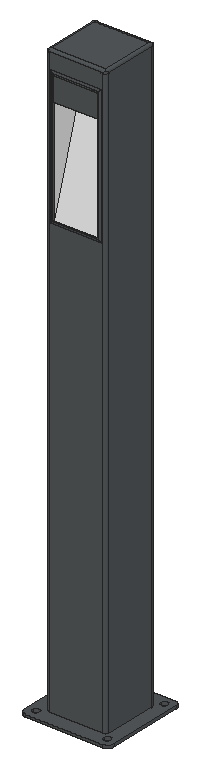
Revit family "svetilnik_alfresco_ar deko_dtu19", category Lighting Fixtures, Revit 2016 (continued)
Definition of nested family "Источник света Ар_Деко"
  Types (5, lengths in mm): name | Photometric Web File | built-in parameter 1150142
           168.2\r\n     148.5     131.1     112.8      92.9      83.8      71.8      53.2      32.4\r\n      14.6       2.9       0.3       0.2       0.2       0.2       0.2       0.2\r\n       0.2       0.2       0.2       0.2       0.2       0.2       0.2       0.2\r\n       0.2       0.2       0.2       0.2       0.2       0.2       0.2       0.2\r\n       0.2       0.2       0.2       0.2       0.2       0.2       0.2       0.2\r\n       0.2       0.2       0.2       0.2       0.2       0.2       0.2       0.2\r\n       0.2       0.2       0.2       0.2       0.2       0.2       0.2       0.2\r\n       0.2       0.2       0.2       0.2       0.2       0.2       0.2       0.2\r\n       0.2       0.2       0.2       0.2       0.2       0.2       0.2       0.2\r\n       0.2       0.2       0.2       0.2       0.2       0.2       0.2       0.2\r\n       0.2       0.2       0.2       0.2       0.2       0.2       0.2       0.2\r\n       0.2       0.2       0.3       0.3       0.3       0.3       0.3       0.3\r\n       0.3       0.2       0.3       0.2       0.1       0.1       0.1       0.1\r\n       0.1       0.1       0.0       0.0       0.0\r\n       0.0       0.0       0.3       0.2       0.3       0.2       0.2       0.2\r\n       0.2       0.3       0.3       0.3       3.0      57.8     131.2     175.8\r\n     213.9     254.2     309.6     361.5     426.3     496.4     518.3     521.6\r\n     522.0     526.5     528.8     527.3     530.1     530.1     527.9     528.1\r\n     529.6     526.1     525.1     523.4     523.8     521.6     519.7     517.2\r\n     510.9     512.1     510.7     505.4     500.1     500.7     500.9     495.3\r\n     491.0     489.0     484.7     473.8     466.1     457.6     442.3     420.5\r\n     390.4     360.6     339.4     324.4     309.2     294.8     282.2     270.2\r\n     253.6     236.1     225.6     220.7     207.6     187.4     175.1     164.9\r\n     150.6     131.6     116.0      97.2      85.2      73.7      59.6      42.3\r\n      20.7       4.6       0.6       0.2       0.2       0.2       0.2       0.2\r\n       0.2       0.2       0.2       0.2       0.2       0.2       0.2       0.2\r\n       0.2       0.2       0.2       0.2       0.2       0.2       0.2       0.2\r\n       0.2       0.2       0.2       0.2       0.2       0.2       0.2       0.2\r\n       0.2       0.2       0.2       0.2       0.2       0.2       0.2       0.2\r\n       0.2       0.2       0.2       0.2       0.2       0.2       0.2       0.2\r\n       0.2       0.2       0.2       0.2       0.2       0.2       0.2       0.2\r\n       0.2       0.2       0.2       0.2       0.2       0.2       0.2       0.2\r\n       0.2       0.2       0.2       0.2       0.2       0.2       0.2       0.2\r\n       0.2       0.2       0.2       0.2       0.2       0.2       0.2       0.2\r\n       0.2       0.2       0.3       0.3       0.3       0.3       0.3       0.3\r\n       0.3       0.2       0.2       0.2       0.1       0.1       0.1       0.1\r\n       0.1       0.1       0.0       0.0       0.0\r\n       0.0       0.0       0.3       0.2       0.3       0.2       0.2       0.2\r\n       0.2       0.3       0.3       0.3       1.6      39.6     116.9     167.7\r\n     204.9     239.5     287.5     343.8     402.9     479.9     517.1     516.6\r\n     519.4     523.2     523.0     523.6     523.4     524.0     522.8     521.7\r\n     522.0     522.2     521.9     522.1     521.8     519.6     518.8     515.6\r\n     516.6     512.9     511.5     509.2     505.1     500.1     495.2     490.9\r\n     488.2     483.0     478.7     473.7     468.9     461.8     447.7     422.6\r\n     393.9     365.1     342.3     324.4     311.4     292.9     280.4     272.3\r\n     258.8     239.3     223.7     215.5     206.0     186.9     173.0     163.6\r\n     147.2     129.9     113.1      96.6      82.6      73.5      59.7      39.4\r\n      21.3       3.1       0.3       0.2       0.2       0.2       0.2       0.2\r\n       0.2       0.2       0.2       0.2       0.2       0.2       0.2       0.2\r\n       0.2       0.2       0.2       0.2       0.2       0.2       0.2       0.2\r\n       0.2       0.2       0.2       0.2       0.2       0.2       0.2       0.2\r\n       0.2       0.2       0.2       0.2       0.2       0.2       0.2       0.2\r\n       0.2       0.2       0.2       0.2       0.2       0.2       0.2       0.2\r\n       0.2       0.2       0.2       0.2       0.2       0.2       0.2       0.2\r\n       0.2       0.2       0.2       0.2       0.2       0.2       0.2       0.2\r\n       0.2       0.2       0.2       0.2       0.2       0.2       0.2       0.2\r\n       0.2       0.2       0.2       0.2       0.2       0.2       0.2       0.2\r\n       0.2       0.2       0.2       0.2       0.2       0.3       0.3       0.3\r\n       0.3       0.2       0.2       0.2       0.1       0.1       0.1       0.1\r\n       0.1       0.1       0.0       0.0       0.0\r\n       0.0       0.0       0.3       0.2       0.2       0.2       0.1       0.1\r\n       0.2       0.3       0.3       0.3       0.8      24.4      98.1     155.5\r\n     197.5     231.7     271.0     326.4     379.4     449.5     511.6     519.7\r\n     520.4     522.0     522.0     524.0     524.2     522.1     525.8     522.8\r\n     522.7     520.4     520.4     519.3     520.3     519.2     516.3     512.7\r\n     510.1     508.6     505.0     502.2     498.2     496.8     493.5     487.8\r\n     481.2     476.8     475.1     469.4     462.9     458.2     450.1     432.8\r\n     407.9     374.0     346.2     326.5     311.5     296.7     279.6     267.5\r\n     258.5     243.5     226.3     214.7     205.7     188.7     172.0     163.4\r\n     152.6     135.9     120.9     106.4      89.0      76.8      60.2      42.1\r\n      21.9       6.7       1.0       0.2       0.2       0.2       0.2       0.2\r\n       0.2       0.2       0.2       0.2       0.2       0.2       0.2       0.2\r\n       0.2       0.2       0.2       0.2       0.2       0.2       0.2       0.2\r\n       0.2       0.2       0.2       0.2       0.2       0.2       0.2       0.2\r\n       0.2       0.2       0.2       0.2       0.2       0.2       0.2       0.2\r\n       0.2       0.2       0.2       0.2       0.2       0.2       0.2       0.2\r\n       0.2       0.2       0.2       0.2       0.2       0.2       0.2       0.2\r\n       0.2       0.2       0.2       0.2       0.2       0.2       0.2       0.2\r\n       0.2       0.2       0.2       0.2       0.2       0.2       0.2       0.2\r\n       0.2       0.2       0.2       0.2       0.2       0.2       0.2       0.2\r\n       0.2       0.2       0.2       0.2       0.2       0.3       0.3       0.3\r\n       0.3       0.2       0.2       0.2       0.1       0.1       0.1       0.1\r\n       0.1       0.1       0.0       0.0       0.0\r\n       0.0       0.0       0.3       0.2       0.2       0.1       0.1       0.1\r\n       0.2       0.3       0.3       0.3       0.4      12.8      75.6     139.3\r\n     184.5     221.9     257.5     307.2     359.1     425.9     491.7     520.2\r\n     521.2     519.3     520.9     520.9     520.0     518.8     518.9     518.1\r\n     516.0     516.9     513.6     512.2     510.0     509.2     508.0     507.5\r\n     504.7     502.8     498.6     498.8     493.5     488.2     485.7     479.7\r\n     479.5     474.0     467.7     459.3     455.2     448.4     441.6     427.0\r\n     409.5     386.2     359.5     333.6     313.4     297.2     277.5     262.9\r\n     256.2     242.3     223.5     210.3     200.2     187.1     172.0     159.0\r\n     149.0     135.2     114.9      99.9      81.8      73.6      61.0      45.9\r\n      25.8       9.6       0.6       0.2       0.2       0.2       0.2       0.2\r\n       0.2       0.2       0.2       0.2       0.2       0.2       0.2       0.2\r\n       0.2       0.2       0.2       0.2       0.2       0.2       0.2       0.2\r\n       0.2       0.2       0.2       0.2       0.2       0.2       0.2       0.2\r\n       0.2       0.2       0.2       0.2       0.2       0.2       0.2       0.2\r\n       0.2       0.2       0.2       0.2       0.2       0.2       0.2       0.2\r\n       0.2       0.2       0.2       0.2       0.2       0.2       0.2       0.2\r\n       0.2       0.2       0.2       0.2       0.2       0.2       0.2       0.2\r\n       0.2       0.2       0.2       0.2       0.2       0.2       0.2       0.2\r\n       0.2       0.2       0.2       0.2       0.2       0.2       0.2       0.2\r\n       0.2       0.2       0.2       0.2       0.2       0.3       0.3       0.3\r\n       0.3       0.2       0.2       0.2       0.1       0.1       0.1       0.1\r\n       0.1       0.1       0.0       0.0       0.0\r\n       0.0       0.0       0.3       0.2       0.2       0.1       0.1       0.1\r\n       0.2       0.3       0.3       0.3       0.3       5.2      51.5     120.8\r\n     166.9     206.4     243.7     285.3     335.3     390.7     465.9     512.5\r\n     520.0     518.1     517.4     517.9     519.2     516.1     513.0     513.7\r\n     513.5     513.6     511.7     508.8     502.8     504.8     501.6     501.9\r\n     500.6     495.0     488.6     485.0     484.3     484.3     476.8     474.7\r\n     473.9     467.6     462.5     459.8     451.6     444.8     439.7     429.0\r\n     413.1     391.0     362.7     336.9     316.9     300.0     284.3     268.8\r\n     253.6     240.8     222.8     207.8     198.8     189.8     173.2     158.0\r\n     149.7     138.9     121.7     104.0      85.7      73.0      63.0      46.5\r\n      28.9      10.6       1.5       0.2       0.2       0.2       0.2       0.2\r\n       0.2       0.2       0.2       0.2       0.2       0.2       0.2       0.2\r\n       0.2       0.2       0.2       0.2       0.2       0.2       0.2       0.2\r\n       0.2       0.2       0.2       0.2       0.2       0.2       0.2       0.2\r\n       0.2       0.2       0.2       0.2       0.2       0.2       0.2       0.2\r\n       0.2       0.2       0.2       0.2       0.2       0.2       0.2       0.2\r\n       0.2       0.2       0.2       0.2       0.2       0.2       0.2       0.2\r\n       0.2       0.2       0.2       0.2       0.2       0.2       0.2       0.2\r\n       0.2       0.2       0.2       0.2       0.2       0.2       0.2       0.2\r\n       0.2       0.2       0.2       0.2       0.2       0.2       0.2       0.2\r\n       0.2       0.2       0.2       0.2       0.2       0.2       0.3       0.3\r\n       0.3       0.2       0.2       0.2       0.1       0.1       0.1       0.1\r\n       0.1       0.1       0.0       0.0       0.0\r\n       0.0       0.0       0.3       0.2       0.2       0.1       0.1       0.1\r\n       0.2       0.3       0.3       0.3       0.2       2.0      29.2      96.4\r\n     148.8     190.1     226.0     262.2     306.3     356.1     424.8     486.5\r\n     515.6     514.6     514.5     510.8     510.1     512.6     511.6     508.2\r\n     507.1     506.4     505.1     503.3     503.2     497.2     497.1     493.3\r\n     491.6     490.2     489.0     486.3     480.9     476.9     475.0     470.7\r\n     463.8     460.1     452.6     450.4     447.5     444.0     437.7     429.1\r\n     416.0     397.4     374.0     344.9     324.5     305.6     288.9     266.9\r\n     255.9     243.2     231.3     214.4     201.9     192.3     177.4     160.8\r\n     147.2     133.6     120.7     102.5      87.6      71.5      61.0      50.6\r\n      33.3      15.1       2.6       0.2       0.2       0.2       0.2       0.2\r\n       0.2       0.2       0.2       0.2       0.2       0.2       0.2       0.2\r\n       0.2       0.2       0.2       0.2       0.2       0.2       0.2       0.2\r\n       0.2       0.2       0.2       0.2       0.2       0.2       0.2       0.2\r\n       0.2       0.2       0.2       0.2       0.2       0.2       0.2       0.2\r\n       0.2       0.2       0.2       0.2       0.2       0.2       0.2       0.2\r\n       0.2       0.2       0.2       0.2       0.2       0.2       0.2       0.2\r\n       0.2       0.2       0.2       0.2       0.2       0.2       0.2       0.2\r\n       0.2       0.2       0.2       0.2       0.2       0.2       0.2       0.2\r\n       0.2       0.2       0.2       0.2       0.2       0.2       0.2       0.2\r\n       0.2       0.2       0.2       0.2       0.2       0.2       0.2       0.3\r\n       0.3       0.2       0.2       0.2       0.1       0.1       0.1       0.1\r\n       0.1       0.1       0.0       0.0       0.0\r\n       0.0       0.0       0.3       0.2       0.2       0.1       0.1       0.1\r\n       0.2       0.3       0.3       0.2       0.2       0.8      12.2      68.4\r\n     127.8     171.5     207.5     241.0     280.9     323.6     377.4     445.8\r\n     499.9     511.4     513.9     510.9     509.2     507.1     508.8     505.4\r\n     503.2     501.3     500.9     501.3     497.2     495.2     489.0     487.4\r\n     482.5     479.5     479.6     476.7     473.8     469.8     465.6     465.3\r\n     460.3     452.3     448.6     439.3     433.5     426.9     420.0     416.8\r\n     410.0     399.0     377.6     351.9     324.1     297.9     286.6     272.5\r\n     253.2     238.1     228.5     211.1     194.4     184.3     174.8     160.3\r\n     146.1     134.7     123.8     104.8      91.5      73.2      63.4      49.4\r\n      35.9      16.1       3.6       0.3       0.2       0.2       0.2       0.2\r\n       0.2       0.2       0.2       0.2       0.2       0.2       0.2       0.2\r\n       0.2       0.2       0.2       0.2       0.2       0.2       0.2       0.2\r\n       0.2       0.2       0.2       0.2       0.2       0.2       0.2       0.2\r\n       0.2       0.2       0.2       0.2       0.2       0.2       0.2       0.2\r\n       0.2       0.2       0.2       0.2       0.2       0.2       0.2       0.2\r\n       0.2       0.2       0.2       0.2       0.2       0.2       0.2       0.2\r\n       0.2       0.2       0.2       0.2       0.2       0.2       0.2       0.2\r\n       0.2       0.2       0.2       0.2       0.2       0.2       0.2       0.2\r\n       0.2       0.2       0.2       0.2       0.2       0.2       0.2       0.2\r\n       0.2       0.2       0.2       0.2       0.2       0.2       0.2       0.3\r\n       0.3       0.2       0.2       0.2       0.1       0.1       0.1       0.1\r\n       0.1       0.1       0.0       0.0       0.0\r\n       0.0       0.0       0.3       0.2       0.2       0.1       0.1       0.1\r\n       0.2       0.3       0.3       0.2       0.2       0.3       3.5      41.9\r\n      99.2     149.7     186.9     222.5     255.2     293.4     338.2     394.3\r\n     458.3     500.9     504.8     507.9     505.3     506.1     502.2     501.3\r\n     500.2     496.1     492.9     490.6     490.4     484.3     484.9     482.2\r\n     477.7     476.7     471.1     466.6     467.5     464.6     460.3     449.2\r\n     447.5     446.3     437.9     434.1     429.6     426.5     420.9     411.6\r\n     406.0     396.4     382.7     363.1     334.8     306.9     283.8     269.9\r\n     252.8     239.7     226.7     215.5     198.0     182.7     172.3     159.6\r\n     145.2     134.4     122.3     106.7      89.6      75.0      62.9      53.5\r\n      40.2      22.5       4.4       0.7       0.2       0.2       0.2       0.2\r\n       0.2       0.2       0.2       0.2       0.2       0.2       0.2       0.2\r\n       0.2       0.2       0.2       0.2       0.2       0.2       0.2       0.2\r\n       0.2       0.2       0.2       0.2       0.2       0.2       0.2       0.2\r\n       0.2       0.2       0.2       0.2       0.2       0.2       0.2       0.2\r\n       0.2       0.2       0.2       0.2       0.2       0.2       0.2       0.2\r\n       0.2       0.2       0.2       0.2       0.2       0.2       0.2       0.2\r\n       0.2       0.2       0.2       0.2       0.2       0.2       0.2       0.2\r\n       0.2       0.2       0.2       0.2       0.2       0.2       0.2       0.2\r\n       0.2       0.2       0.2       0.2       0.2       0.2       0.2       0.2\r\n       0.2       0.2       0.2       0.2       0.2       0.2       0.2       0.2\r\n       0.3       0.2       0.2       0.2       0.1       0.1       0.1       0.1\r\n       0.1       0.1       0.0       0.0       0.0\r\n       0.0       0.0  
           0.3       0.2       0.2       0.1       0.1       0.1\r\n       0.2       0.3       0.3       0.2       0.2       0.2       0.9      18.6\r\n      64.3     124.3     163.7     200.8     230.4     264.2     300.1     344.6\r\n     398.3     457.3     476.3     480.9     480.4     479.9     480.4     480.0\r\n     476.7     473.6     471.9     468.2     468.4     467.0     463.8     462.0\r\n     462.5     459.5     455.3     452.7     446.4     443.4     441.4     438.4\r\n     433.6     429.2     429.6     424.7     415.7     409.0     404.3     399.5\r\n     392.6     385.3     377.4     362.8     340.2     311.1     282.3     265.5\r\n     251.1     233.7     220.5     209.4     194.9     179.6     165.0     155.1\r\n     139.2     124.2     116.9     104.3      88.7      75.3      57.4      49.3\r\n      36.6      23.3       7.2       1.0       0.2       0.2       0.2       0.2\r\n       0.2       0.2       0.2       0.2       0.2       0.2       0.2       0.2\r\n       0.2       0.2       0.2       0.2       0.2       0.2       0.2       0.2\r\n       0.2       0.2       0.2       0.2       0.2       0.2       0.2       0.2\r\n       0.2       0.2       0.2       0.2       0.2       0.2       0.2       0.2\r\n       0.2       0.2       0.2       0.2       0.2       0.2       0.2       0.2\r\n       0.2       0.2       0.2       0.2       0.2       0.2       0.2       0.2\r\n       0.2       0.2       0.2       0.2       0.2       0.2       0.2       0.2\r\n       0.2       0.2       0.2       0.2       0.2       0.2       0.2       0.2\r\n       0.2       0.2       0.2       0.2       0.2       0.2       0.2       0.2\r\n       0.2       0.2       0.2       0.2       0.2       0.2       0.2       0.2\r\n       0.2       0.2       0.2       0.2       0.1       0.1       0.1       0.1\r\n       0.1       0.1       0.0       0.0       0.0\r\n       0.0       0.0       0.3       0.2       0.2       0.1       0.1       0.1\r\n       0.2       0.3       0.3       0.2       0.2       0.2       0.3       5.4\r\n      33.1      93.3     140.0     176.2     209.2     234.4     260.1     292.9\r\n     329.4     376.3     418.5     437.1     441.8     440.5     437.0     436.4\r\n     441.4     439.0     435.4     434.5     430.6     432.0     430.7     426.2\r\n     422.5     418.1     415.6     412.6     411.2     408.5     404.8     404.8\r\n     401.0     395.1     388.3     381.7     380.5     374.6     367.3     361.6\r\n     357.3     350.0     344.4     336.3     321.7     300.2     271.0     246.0\r\n     228.8     213.1     195.7     179.8     171.8     156.6     144.2     134.2\r\n     124.3     110.5      98.4      88.7      73.7      62.3      51.2      43.1\r\n      33.0      20.4       9.4       1.3       0.2       0.2       0.2       0.2\r\n       0.2       0.2       0.2       0.2       0.2       0.2       0.2       0.2\r\n       0.2       0.2       0.2       0.2       0.2       0.2       0.2       0.2\r\n       0.2       0.2       0.2       0.2       0.2       0.2       0.2       0.2\r\n       0.2       0.2       0.2       0.2       0.2       0.2       0.2       0.2\r\n       0.2       0.2       0.2       0.2       0.2       0.2       0.2       0.2\r\n       0.2       0.2       0.2       0.2       0.2       0.2       0.2       0.2\r\n       0.2       0.2       0.2       0.2       0.2       0.2       0.2       0.2\r\n       0.2       0.2       0.2       0.2       0.2       0.2       0.2       0.2\r\n       0.2       0.2       0.2       0.2       0.2       0.2       0.2       0.2\r\n       0.2       0.2       0.2       0.2       0.2       0.2       0.2       0.2\r\n       0.2       0.2       0.2       0.2       0.1       0.1       0.1       0.1\r\n       0.1       0.1       0.0       0.0       0.0\r\n       0.0       0.0       0.3       0.1       0.2       0.1       0.1       0.1\r\n       0.2       0.3       0.3       0.2       0.2       0.2       0.2       1.3\r\n      12.0      53.9     107.3     150.6     180.5     203.1     224.9     248.8\r\n     275.1     306.4     340.6     381.8     390.2     392.9     394.5     395.5\r\n     393.8     393.6     394.3     394.4     393.4     392.3     391.2     387.8\r\n     388.4     385.5     383.4     381.0     374.7     371.7     367.0     359.5\r\n     357.2     354.1     348.3     344.5     340.7     337.6     332.3     324.6\r\n     316.3     311.1     305.4     298.2     292.2     279.6     256.2     229.9\r\n     206.2     190.8     177.5     160.0     147.7     139.1     124.7     111.5\r\n     103.3      92.9      82.5      75.1      67.1      55.7      44.8      35.5\r\n      29.8      19.2       8.9       1.0       0.2       0.2       0.2       0.2\r\n       0.2       0.2       0.2       0.2       0.2       0.2       0.2       0.2\r\n       0.2       0.2       0.2       0.2       0.2       0.2       0.2       0.2\r\n       0.2       0.2       0.2       0.2       0.2       0.2       0.2       0.2\r\n       0.2       0.2       0.2       0.2       0.2       0.2       0.2       0.2\r\n       0.2       0.2       0.2       0.2       0.2       0.2       0.2       0.2\r\n       0.2       0.2       0.2       0.2       0.2       0.2       0.2       0.2\r\n       0.2       0.2       0.2       0.2       0.2       0.2       0.2       0.2\r\n       0.2       0.2       0.2       0.2       0.2       0.2       0.2       0.2\r\n       0.2       0.2       0.2       0.2       0.2       0.2       0.2       0.2\r\n       0.2       0.2       0.2       0.2       0.2       0.2       0.2       0.2\r\n       0.2       0.2       0.2       0.2       0.1       0.1       0.1       0.1\r\n       0.1       0.1       0.0       0.0       0.0\r\n       0.0       0.0       0.2       0.1       0.2       0.1       0.1       0.1\r\n       0.2       0.3       0.3       0.2       0.2       0.2       0.2       0.4\r\n       2.7      21.8      61.9     119.1     150.9     174.8     199.0     218.7\r\n     241.6     271.2     298.0     327.0     345.1     357.2     361.2     359.9\r\n     356.8     359.4     360.9     359.2     356.4     356.5     352.2     352.7\r\n     351.6     346.7     345.3     343.2     341.4     336.0     331.6     330.5\r\n     326.7     323.6     319.4     314.3     310.3     305.0     300.7     295.0\r\n     291.4     286.2     281.7     277.5     270.7     263.2     252.3     230.9\r\n     203.4     178.5     162.6     150.4     135.9     125.5     116.1     103.9\r\n      92.8      86.4      75.7      66.0      60.1      50.5      41.5      31.8\r\n      25.5      17.4       7.2       0.5       0.2       0.2       0.2       0.2\r\n       0.2       0.2       0.2       0.2       0.2       0.2       0.2       0.2\r\n       0.2       0.2       0.2       0.2       0.2       0.2       0.2       0.2\r\n       0.2       0.2       0.2       0.2       0.2       0.2       0.2       0.2\r\n       0.2       0.2       0.2       0.2       0.2       0.2       0.2       0.2\r\n       0.2       0.2       0.2       0.2       0.2       0.2       0.2       0.2\r\n       0.2       0.2       0.2       0.2       0.2       0.2       0.2       0.2\r\n       0.2       0.2       0.2       0.2       0.2       0.2       0.2       0.2\r\n       0.2       0.2       0.2       0.2       0.2       0.2       0.2       0.2\r\n       0.2       0.2       0.2       0.2       0.2       0.2       0.2       0.2\r\n       0.2       0.2       0.2       0.2       0.2       0.2       0.2       0.2\r\n       0.2       0.2       0.2       0.2       0.1       0.1       0.1       0.1\r\n       0.1       0.1       0.0       0.0       0.0\r\n       0.0       0.0       0.2       0.1       0.2       0.1       0.1       0.1\r\n       0.2       0.3       0.3       0.2       0.2       0.2       0.2       0.3\r\n       0.5       6.2      24.7      71.4     113.4     143.0     167.0     188.5\r\n     207.8     232.7     253.2     275.6     290.2     320.6     327.5     326.3\r\n     325.1     322.7     323.3     324.1     323.8     323.4     322.2     318.9\r\n     316.5     317.5     312.1     311.0     309.5     304.9     302.4     299.0\r\n     296.6     293.9     290.8     287.1     282.3     276.4     271.9     269.6\r\n     263.5     258.6     253.0     246.6     240.9     234.2     227.4     217.1\r\n     201.3     176.6     153.0     136.8     125.6     114.7     105.7      97.7\r\n      86.7      77.5      71.8      61.8      52.9      46.9      37.6      28.6\r\n      20.8      15.3       7.9       1.4       0.4       0.2       0.2       0.2\r\n       0.2       0.2       0.2       0.2       0.2       0.2       0.2       0.2\r\n       0.2       0.2       0.2       0.2       0.2       0.2       0.2       0.2\r\n       0.2       0.2       0.2       0.2       0.2       0.2       0.2       0.2\r\n       0.2       0.2       0.2       0.2       0.2       0.2       0.2       0.2\r\n       0.2       0.2       0.2       0.2       0.2       0.2       0.2       0.2\r\n       0.2       0.2       0.2       0.2       0.2       0.2       0.2       0.2\r\n       0.2       0.2       0.2       0.2       0.2       0.2       0.2       0.2\r\n       0.2       0.2       0.2       0.2       0.2       0.2       0.2       0.2\r\n       0.2       0.2       0.2       0.2       0.2       0.2       0.2       0.2\r\n       0.2       0.2       0.2       0.2       0.2       0.2       0.2       0.2\r\n       0.2       0.2       0.2       0.2       0.1       0.1       0.1       0.1\r\n       0.1       0.1       0.0       0.0       0.0\r\n       0.0       0.0       0.2       0.1       0.2       0.1       0.1       0.1\r\n       0.2       0.3       0.3       0.2       0.2       0.2       0.2       0.2\r\n       0.2       1.3       6.2      26.9      64.2      98.8     124.6     146.8\r\n     170.4     192.0     209.9     231.7     246.4     259.3     281.1     297.6\r\n     302.1     301.5     298.3     295.5     294.6     292.8     290.9     290.0\r\n     287.7     283.3     279.6     276.1     276.7     275.4     271.3     269.6\r\n     264.1     261.3     259.9     255.9     252.6     249.4     244.6     240.2\r\n     235.0     230.4     225.5     221.3     216.0     210.4     205.2     199.0\r\n     191.3     175.7     154.8     131.1     115.9     104.6      94.9      86.8\r\n      79.3      69.7      62.4      55.3      46.8      40.2      33.5      24.4\r\n      17.7      14.5       8.8       2.3       0.3       0.2       0.2       0.2\r\n       0.2       0.2       0.2       0.2       0.2       0.2       0.2       0.2\r\n       0.2       0.2       0.2       0.2       0.2       0.2       0.2       0.2\r\n       0.2       0.2       0.2       0.2       0.2       0.2       0.2       0.2\r\n       0.2       0.2       0.2       0.2       0.2       0.2       0.2       0.2\r\n       0.2       0.2       0.2       0.2       0.2       0.2       0.2       0.2\r\n       0.2       0.2       0.2       0.2       0.2       0.2       0.2       0.2\r\n       0.2       0.2       0.2       0.2       0.2       0.2       0.2       0.2\r\n       0.2       0.2       0.2       0.2       0.2       0.2       0.2       0.2\r\n       0.2       0.2       0.2       0.2       0.2       0.2       0.2       0.2\r\n       0.2       0.2       0.2       0.2       0.2       0.2       0.2       0.2\r\n       0.2       0.2       0.2       0.2       0.1       0.1       0.1       0.1\r\n       0.1       0.1       0.0       0.0       0.0\r\n       0.0       0.0       0.2       0.1       0.2       0.1       0.1       0.1\r\n       0.2       0.3       0.3       0.2       0.2       0.2       0.2       0.2\r\n       0.2       0.3       0.9       6.2      25.3      53.4      78.7     101.5\r\n     120.8     139.0     154.0     166.3     184.3     202.3     219.1     242.6\r\n     265.5     266.8     266.7     267.6     265.1     260.7     259.5     257.2\r\n     252.9     251.9     249.1     245.6     241.0     240.2     237.0     234.2\r\n     230.4     225.9     223.1     220.8     216.6     215.2     210.2     208.4\r\n     205.5     200.8     197.1     192.1     187.8     183.4     179.6     174.4\r\n     169.8     164.0     153.8     138.1     118.9     104.0      93.9      83.3\r\n      74.7      67.5      58.4      51.9      44.6      37.6      31.8      26.1\r\n      20.1      15.2      10.8       5.7       1.1       0.2       0.2       0.2\r\n       0.2       0.2       0.2       0.2       0.2       0.2       0.2       0.2\r\n       0.2       0.2       0.2       0.2       0.2       0.2       0.2       0.2\r\n       0.2       0.2       0.2       0.2       0.2       0.2       0.2       0.2\r\n       0.2       0.2       0.2       0.2       0.2       0.2       0.2       0.2\r\n       0.2       0.2       0.2       0.2       0.2       0.2       0.2       0.2\r\n       0.2       0.2       0.2       0.2       0.2       0.2       0.2       0.2\r\n       0.2       0.2       0.2       0.2       0.2       0.2       0.2       0.2\r\n       0.2       0.2       0.2       0.2       0.2       0.2       0.2       0.2\r\n       0.2       0.2       0.2       0.2       0.2       0.2       0.2       0.2\r\n       0.2       0.2       0.2       0.2       0.2       0.2       0.2       0.2\r\n       0.2       0.2       0.2       0.2       0.1       0.1       0.1       0.1\r\n       0.1       0.1       0.0       0.0       0.0\r\n       0.0       0.0       0.2       0.1       0.2       0.1       0.1       0.1\r\n       0.2       0.3       0.3       0.2       0.2       0.2       0.2       0.2\r\n       0.2       0.2       0.3       1.0       5.7      15.4      33.4      55.7\r\n      76.1      91.4     101.3     110.0     123.4     134.0     147.0     167.2\r\n     182.8     210.0     224.3     230.4     232.1     230.1     226.7     223.2\r\n     222.4     220.5     218.8     215.4     212.3     208.9     205.1     200.5\r\n     198.6     196.2     191.3     188.5     185.6     181.3     178.8     173.3\r\n     168.5     165.9     162.4     157.7     154.8     152.3     147.2     143.0\r\n     138.7     133.4     127.8     119.8     107.4      94.1      82.9      75.2\r\n      66.0      59.5      53.5      45.8      41.6      34.8      30.1      24.8\r\n      19.5      14.1      10.1       5.6       1.6       0.2       0.2       0.2\r\n       0.2       0.2       0.2       0.2       0.2       0.2       0.2       0.2\r\n       0.2       0.2       0.2       0.2       0.2       0.2       0.2       0.2\r\n       0.2       0.2       0.2       0.2       0.2       0.2       0.2       0.2\r\n       0.2       0.2       0.2       0.2       0.2       0.2       0.2       0.2\r\n       0.2       0.2       0.2       0.2       0.2       0.2       0.2       0.2\r\n       0.2       0.2       0.2       0.2       0.2       0.2       0.2       0.2\r\n       0.2       0.2       0.2       0.2       0.2       0.2       0.2       0.2\r\n       0.2       0.2       0.2       0.2       0.2       0.2       0.2       0.2\r\n       0.2       0.2       0.2       0.2       0.2       0.2       0.2       0.2\r\n       0.2       0.2       0.2       0.2       0.2       0.2       0.2       0.2\r\n       0.2       0.1       0.2       0.2       0.1       0.1       0.1       0.1\r\n       0.1       0.1       0.0       0.0       0.0\r\n       0.0       0.0       0.2       0.1       0.1       0.1       0.1       0.1\r\n       0.2       0.3       0.2       0.2       0.2       0.2       0.2       0.2\r\n       0.2       0.2       0.2       0.3       0.7       1.9       8.6      20.7\r\n      38.2      53.6      69.1      78.4      89.4      99.3     108.2     124.7\r\n     139.2     150.6     170.2     187.4     196.5     201.1     201.3     202.0\r\n     198.9     196.5     193.8     190.7     189.6     186.4     184.1     182.6\r\n     179.8     175.9     173.3     170.4     166.8     164.8     162.5     159.8\r\n     157.0     152.6     148.6     145.2     140.9     137.2     133.5     129.4\r\n     125.3     120.6     115.8     111.9     107.1      97.6      86.5      75.2\r\n      67.2      60.0      53.7      48.2      41.8      36.3      31.4      25.8\r\n      21.4      16.1      11.7       8.2       3.2       0.6       0.2       0.2\r\n       0.2       0.2       0.2       0.2       0.2       0.2       0.2       0.2\r\n       0.2       0.2       0.2       0.2       0.2       0.2       0.2       0.2\r\n       0.2       0.2       0.2       0.2       0.2       0.2       0.2       0.2\r\n       0.2       0.2      
